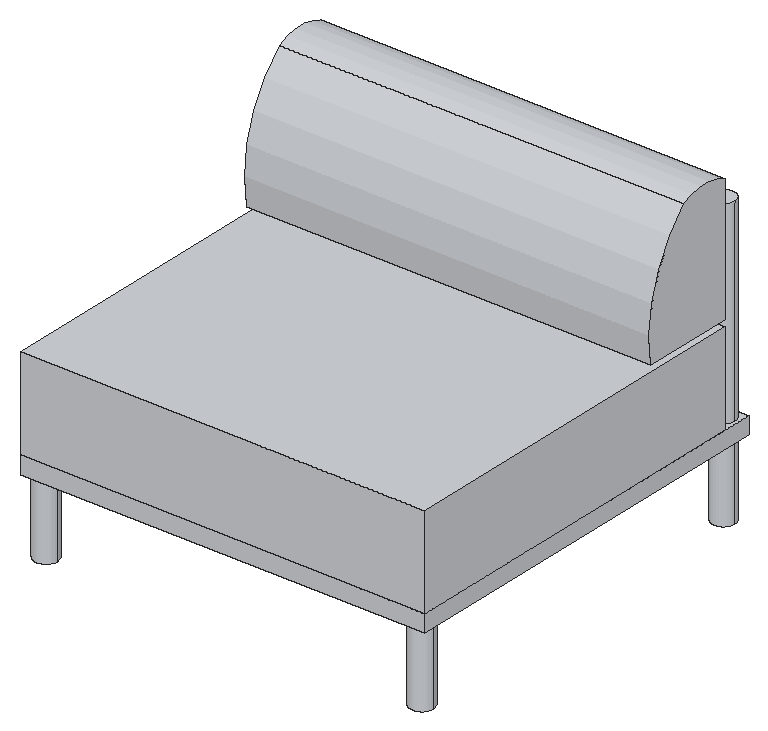
Revit family "Modular_Single", category Furniture, Revit 2016
Family settings
  OmniClass Number = 23.40.20.00
  OmniClass Title = General Furniture and Specialties
  Work Plane-Based = No
  Always vertical = Yes
  Cut with Voids When Loaded = No
  Shared = No
  Room Calculation Point = No
Parameters
  frame = none
  fabric = none
Reference planes (in)
  plane 1 "Center Front/Back": y = 0
  plane 2: z = 0
  plane 3 "Center Left/Right": x = 0
  plane 4: z = 8
  plane 5: z = 28
Forms (in)
  Extrusion 1, solid, material <- "frame"
    sketch origin (0, 0, 0) x (1, 0, 0) y (0, 1, 0)
      loop
        line (-17.5, 17.5) -> (-17.5, -17.5) -> (17.5, -17.5) -> (17.5, 17.5) -> (-17.5, 17.5)
    from 8 to 6.503
  Extrusion 2, solid, material <- "frame"
    sketch origin (0, 0, 0) x (1, 0, 0) y (0, 1, 0)
      loop
        circle (-16.26256, -16.26256) r 1
      loop
        circle (16.26256, -16.26256) r 1
    from 0 to 6.503
  Extrusion 3, solid, material <- "frame"
    sketch origin (0, 0, 0) x (1, 0, 0) y (0, 1, 0)
      loop
        circle (-16.2448, 16.38365) r 1
      loop
        circle (16.2448, 16.38365) r 1
    from 0 to 25
  Extrusion 4, solid, material <- "fabric"
    sketch origin (0, 0, 0) x (1, 0, 0) y (0, 1, 0)
      loop
        line (-17.5, 15) -> (-17.5, -17.5) -> (17.5, -17.5) -> (17.5, 15) -> (-17.5, 15)
    from 8 to 16
  Extrusion 5, solid, material <- "frame"
    sketch origin (0, 0, 0) x (0, 1, 0) y (0, 0, 1)
      loop
        circle (16.38365, 24.5) r 0.5
      loop
        circle (16.38365, 20.75) r 0.5
      loop
        circle (16.38365, 17) r 0.5
    from -15.18694 to 15.27409
  Extrusion 6, solid, material <- "fabric"
    sketch origin (0, 0, 0) x (0, 1, 0) y (0, 0, 1)
      loop
        arc (15, 27.43715) -> (12.77685, 28.00126) -> (10.5537, 27.43715) r 4.66274
        arc (10.5537, 27.43715) -> (7.35939, 22.42913) -> (7, 16.5) r 11.83702
        line (7, 16.5) -> (15, 16.5) -> (15, 27.43715)
    from -17.5 to 17.5
Cuts and joins
  joined: Extrusion 1, Extrusion 2, Extrusion 3, Extrusion 5
Dimensions and locks (in)
  aligned and locked: level to plane 2
